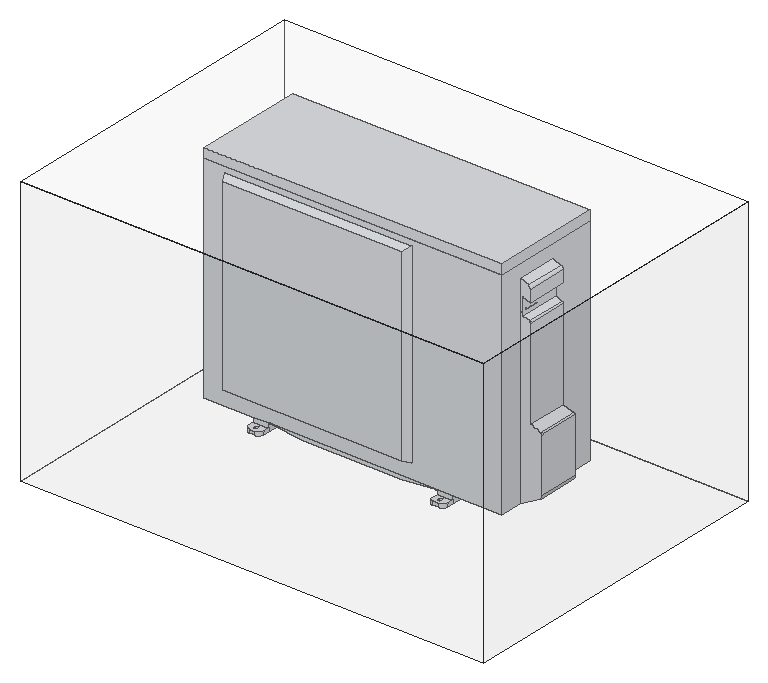
Revit family "puz-ermp40_63ska15_50hz", category 機械設備, Revit 2019 (continued)
Definition of nested family "PUZ-EZRMP-1"
  Lines and regions (mm)
    model lines, visible <- "タイプ1", detail levels fine
      curve 341: arc (-404.5, -100, 64) -> (-404.5, -98.536, 60.464) -> (-404.5, -95, 59) r 5
    model lines, visible <- "タイプ3", not visible
      curve 342: line (-404.5, -100, 907) -> (-404.5, -60, 907)
      curve 343: line (-404.5, -100, 1097) -> (-404.5, -100, 907)
      curve 344: line (-404.5, -60, 1097) -> (-404.5, -100, 1097)
      curve 345: line (-404.5, -60, 907) -> (-404.5, -60, 1097)
      curve 346: line (-404.5, 60, 907) -> (-404.5, 100, 907)
      curve 347: line (-404.5, 60, 1097) -> (-404.5, 60, 907)
      curve 348: line (-404.5, 100, 1097) -> (-404.5, 60, 1097)
      curve 349: line (-404.5, 100, 907) -> (-404.5, 100, 1097)
      curve 350: line (-404.5, -46.667, 907) -> (-404.5, -6.667, 907)
      curve 351: line (-404.5, -46.667, 1097) -> (-404.5, -46.667, 907)
      curve 352: line (-404.5, -6.667, 1097) -> (-404.5, -46.667, 1097)
      curve 353: line (-404.5, -6.667, 907) -> (-404.5, -6.667, 1097)
      curve 354: line (-404.5, 6.667, 907) -> (-404.5, 46.667, 907)
      curve 355: line (-404.5, 6.667, 1097) -> (-404.5, 6.667, 907)
      curve 356: line (-404.5, 46.667, 1097) -> (-404.5, 6.667, 1097)
      curve 357: line (-404.5, 46.667, 907) -> (-404.5, 46.667, 1097)
      curve 358: line (-404.5, -100, 1112) -> (-404.5, -60, 1112)
      curve 359: line (-404.5, -100, 1302) -> (-404.5, -100, 1112)
      curve 360: line (-404.5, -60, 1302) -> (-404.5, -100, 1302)
      curve 361: line (-404.5, -60, 1112) -> (-404.5, -60, 1302)
      curve 362: line (-404.5, 60, 1112) -> (-404.5, 100, 1112)
      curve 363: line (-404.5, 60, 1302) -> (-404.5, 60, 1112)
      curve 364: line (-404.5, 100, 1302) -> (-404.5, 60, 1302)
      curve 365: line (-404.5, 100, 1112) -> (-404.5, 100, 1302)
      curve 366: line (-404.5, -46.667, 1112) -> (-404.5, -6.667, 1112)
      curve 367: line (-404.5, -46.667, 1302) -> (-404.5, -46.667, 1112)
      curve 368: line (-404.5, -6.667, 1302) -> (-404.5, -46.667, 1302)
      curve 369: line (-404.5, -6.667, 1112) -> (-404.5, -6.667, 1302)
      curve 370: line (-404.5, 6.667, 1112) -> (-404.5, 46.667, 1112)
      curve 371: line (-404.5, 6.667, 1302) -> (-404.5, 6.667, 1112)
      curve 372: line (-404.5, 46.667, 1302) -> (-404.5, 6.667, 1302)
      curve 373: line (-404.5, 46.667, 1112) -> (-404.5, 46.667, 1302)
    model lines, visible <- "タイプ2", not visible
      curve 374: line (-600, -100, 33.5) -> (-600, -60, 33.5)
      curve 375: line (-600, -100, 73.5) -> (-600, -100, 33.5)
      curve 376: line (-600, -60, 73.5) -> (-600, -100, 73.5)
      curve 377: line (-600, -60, 33.5) -> (-600, -60, 73.5)
      curve 378: line (-600, 60, 33.5) -> (-600, 100, 33.5)
      curve 379: line (-600, 60, 73.5) -> (-600, 60, 33.5)
      curve 380: line (-600, 100, 73.5) -> (-600, 60, 73.5)
      curve 381: line (-600, 100, 33.5) -> (-600, 100, 73.5)
      curve 382: line (-509, -46.667, 33.5) -> (-509, -6.667, 33.5)
      curve 383: line (-509, -46.667, 73.5) -> (-509, -46.667, 33.5)
      curve 384: line (-509, -6.667, 73.5) -> (-509, -46.667, 73.5)
      curve 385: line (-509, -6.667, 33.5) -> (-509, -6.667, 73.5)
      curve 386: line (-509, 6.667, 33.5) -> (-509, 46.667, 33.5)
      curve 387: line (-509, 6.667, 73.5) -> (-509, 6.667, 33.5)
      curve 388: line (-509, 46.667, 73.5) -> (-509, 6.667, 73.5)
      curve 389: line (-509, 46.667, 33.5) -> (-509, 46.667, 73.5)
      curve 483: line (-404.5, -100, 33.5) -> (-404.5, -60, 33.5)
      curve 484: line (-404.5, -100, 73.5) -> (-404.5, -100, 33.5)
      curve 485: line (-404.5, -60, 73.5) -> (-404.5, -100, 73.5)
      curve 486: line (-404.5, -60, 33.5) -> (-404.5, -60, 73.5)
      curve 487: line (-404.5, 60, 33.5) -> (-404.5, 100, 33.5)
      curve 488: line (-404.5, 60, 73.5) -> (-404.5, 60, 33.5)
      curve 489: line (-404.5, 100, 73.5) -> (-404.5, 60, 73.5)
      curve 490: line (-404.5, 100, 33.5) -> (-404.5, 100, 73.5)
      curve 491: line (-404.5, -46.667, 33.5) -> (-404.5, -6.667, 33.5)
      curve 492: line (-404.5, -46.667, 73.5) -> (-404.5, -46.667, 33.5)
      curve 493: line (-404.5, -6.667, 73.5) -> (-404.5, -46.667, 73.5)
      curve 494: line (-404.5, -6.667, 33.5) -> (-404.5, -6.667, 73.5)
      curve 495: line (-404.5, 6.667, 33.5) -> (-404.5, 46.667, 33.5)
      curve 496: line (-404.5, 6.667, 73.5) -> (-404.5, 6.667, 33.5)
      curve 497: line (-404.5, 46.667, 73.5) -> (-404.5, 6.667, 73.5)
      curve 498: line (-404.5, 46.667, 33.5) -> (-404.5, 46.667, 73.5)
    model lines, not visible
      curve 390: line (-404.5, -100, 87) -> (-404.5, -60, 87)
      curve 391: line (-404.5, -100, 277) -> (-404.5, -100, 87)
      curve 392: line (-404.5, -60, 277) -> (-404.5, -100, 277)
      curve 393: line (-404.5, -60, 87) -> (-404.5, -60, 277)
      curve 394: line (-404.5, -100, 292) -> (-404.5, -60, 292)
      curve 395: line (-404.5, -100, 482) -> (-404.5, -100, 292)
      curve 396: line (-404.5, -60, 482) -> (-404.5, -100, 482)
      curve 397: line (-404.5, -60, 292) -> (-404.5, -60, 482)
      curve 398: line (-404.5, -100, 497) -> (-404.5, -60, 497)
      curve 399: line (-404.5, -100, 687) -> (-404.5, -100, 497)
      curve 400: line (-404.5, -60, 687) -> (-404.5, -100, 687)
      curve 401: line (-404.5, -60, 497) -> (-404.5, -60, 687)
      curve 402: line (-404.5, -100, 702) -> (-404.5, -60, 702)
      curve 403: line (-404.5, -100, 892) -> (-404.5, -100, 702)
      curve 404: line (-404.5, -60, 892) -> (-404.5, -100, 892)
      curve 405: line (-404.5, -60, 702) -> (-404.5, -60, 892)
      curve 406: line (-404.5, 60, 87) -> (-404.5, 100, 87)
      curve 407: line (-404.5, 60, 277) -> (-404.5, 60, 87)
      curve 408: line (-404.5, 100, 277) -> (-404.5, 60, 277)
      curve 409: line (-404.5, 100, 87) -> (-404.5, 100, 277)
      curve 410: line (-404.5, -46.667, 87) -> (-404.5, -6.667, 87)
      curve 411: line (-404.5, -46.667, 277) -> (-404.5, -46.667, 87)
      curve 412: line (-404.5, -6.667, 277) -> (-404.5, -46.667, 277)
      curve 413: line (-404.5, -6.667, 87) -> (-404.5, -6.667, 277)
      curve 414: line (-404.5, 6.667, 87) -> (-404.5, 46.667, 87)
      curve 415: line (-404.5, 6.667, 277) -> (-404.5, 6.667, 87)
      curve 416: line (-404.5, 46.667, 277) -> (-404.5, 6.667, 277)
      curve 417: line (-404.5, 46.667, 87) -> (-404.5, 46.667, 277)
      curve 418: line (-404.5, 60, 292) -> (-404.5, 100, 292)
      curve 419: line (-404.5, 60, 482) -> (-404.5, 60, 292)
      curve 420: line (-404.5, 100, 482) -> (-404.5, 60, 482)
      curve 421: line (-404.5, 100, 292) -> (-404.5, 100, 482)
      curve 422: line (-404.5, 60, 702) -> (-404.5, 100, 702)
      curve 423: line (-404.5, 60, 892) -> (-404.5, 60, 702)
      curve 424: line (-404.5, 100, 892) -> (-404.5, 60, 892)
      curve 425: line (-404.5, 100, 702) -> (-404.5, 100, 892)
      curve 426: line (-404.5, -46.667, 292) -> (-404.5, -6.667, 292)
      curve 427: line (-404.5, -46.667, 482) -> (-404.5, -46.667, 292)
      curve 428: line (-404.5, -6.667, 482) -> (-404.5, -46.667, 482)
      curve 429: line (-404.5, -6.667, 292) -> (-404.5, -6.667, 482)
      curve 430: line (-404.5, -46.667, 497) -> (-404.5, -6.667, 497)
      curve 431: line (-404.5, -46.667, 687) -> (-404.5, -46.667, 497)
      curve 432: line (-404.5, -6.667, 687) -> (-404.5, -46.667, 687)
      curve 433: line (-404.5, -6.667, 497) -> (-404.5, -6.667, 687)
      curve 434: line (-404.5, -46.667, 702) -> (-404.5, -6.667, 702)
      curve 435: line (-404.5, -46.667, 892) -> (-404.5, -46.667, 702)
      curve 436: line (-404.5, -6.667, 892) -> (-404.5, -46.667, 892)
      curve 437: line (-404.5, -6.667, 702) -> (-404.5, -6.667, 892)
      curve 438: line (-404.5, 6.667, 292) -> (-404.5, 46.667, 292)
      curve 439: line (-404.5, 6.667, 482) -> (-404.5, 6.667, 292)
      curve 440: line (-404.5, 46.667, 482) -> (-404.5, 6.667, 482)
      curve 441: line (-404.5, 46.667, 292) -> (-404.5, 46.667, 482)
      curve 442: line (-404.5, 6.667, 497) -> (-404.5, 46.667, 497)
      curve 443: line (-404.5, 6.667, 687) -> (-404.5, 6.667, 497)
      curve 444: line (-404.5, 46.667, 687) -> (-404.5, 6.667, 687)
      curve 445: line (-404.5, 46.667, 497) -> (-404.5, 46.667, 687)
      curve 446: line (-404.5, 6.667, 702) -> (-404.5, 46.667, 702)
      curve 447: line (-404.5, 6.667, 892) -> (-404.5, 6.667, 702)
      curve 448: line (-404.5, 46.667, 892) -> (-404.5, 6.667, 892)
      curve 449: line (-404.5, 46.667, 702) -> (-404.5, 46.667, 892)
      curve 450: line (-338.5, -173.2, 372.5) -> (149.5, -173.2, 372.5)
      curve 451: line (149.5, -173.2, 277.5) -> (-338.5, -173.2, 277.5)
      curve 452: line (-338.5, -173.2, 467.5) -> (149.5, -173.2, 467.5)
      curve 453: line (-338.5, -173.2, 562.5) -> (149.5, -173.2, 562.5)
      curve 454: line (149.5, -173.2, 182.5) -> (-338.5, -173.2, 182.5)
      curve 455: line (149.5, -173.2, 87.5) -> (-338.5, -173.2, 87.5)
      curve 456: line (-321.071, -173.2, 579) -> (-321.071, -173.2, 71)
      curve 457: line (132.071, -173.2, 71) -> (132.071, -173.2, 579)
      curve 458: line (-303.643, -173.2, 579) -> (-303.643, -173.2, 71)
      curve 459: line (-286.214, -173.2, 579) -> (-286.214, -173.2, 71)
      curve 460: line (-268.786, -173.2, 579) -> (-268.786, -173.2, 71)
      curve 461: line (-251.357, -173.2, 579) -> (-251.357, -173.2, 71)
      curve 462: line (-233.929, -173.2, 579) -> (-233.929, -173.2, 71)
      curve 463: line (-216.5, -173.2, 579) -> (-216.5, -173.2, 71)
      curve 464: line (-199.071, -173.2, 579) -> (-199.071, -173.2, 71)
      curve 465: line (-181.643, -173.2, 579) -> (-181.643, -173.2, 71)
      curve 466: line (-164.214, -173.2, 579) -> (-164.214, -173.2, 71)
      curve 467: line (-146.786, -173.2, 579) -> (-146.786, -173.2, 71)
      curve 468: line (-129.357, -173.2, 579) -> (-129.357, -173.2, 71)
      curve 469: line (-111.929, -173.2, 579) -> (-111.929, -173.2, 71)
      curve 470: line (-94.5, -173.2, 579) -> (-94.5, -173.2, 71)
      curve 471: line (-77.071, -173.2, 579) -> (-77.071, -173.2, 71)
      curve 472: line (-59.643, -173.2, 579) -> (-59.643, -173.2, 71)
      curve 473: line (-42.214, -173.2, 579) -> (-42.214, -173.2, 71)
      curve 474: line (-24.786, -173.2, 579) -> (-24.786, -173.2, 71)
      curve 475: line (-7.357, -173.2, 579) -> (-7.357, -173.2, 71)
      curve 476: line (10.071, -173.2, 579) -> (10.071, -173.2, 71)
      curve 477: line (27.5, -173.2, 579) -> (27.5, -173.2, 71)
      curve 478: line (44.929, -173.2, 579) -> (44.929, -173.2, 71)
      curve 479: line (62.357, -173.2, 579) -> (62.357, -173.2, 71)
      curve 480: line (79.786, -173.2, 579) -> (79.786, -173.2, 71)
      curve 481: line (97.214, -173.2, 579) -> (97.214, -173.2, 71)
      curve 482: line (114.643, -173.2, 579) -> (114.643, -173.2, 71)
    symbolic lines, visible <- "タイプ1"
      curve 499: line (-278.151, 150, 630) -> (-404.5, 150, 630)
      curve 500: line (-404.5, 150, 630) -> (-404.5, -5.599, 630)
      curve 501: line (-404.5, 40, 630) -> (-424.5, 30, 630)
      curve 502: line (-424.5, 30, 630) -> (-424.5, -30, 630)
      curve 503: line (-424.5, -30, 630) -> (-404.5, -40, 630)
      curve 504: line (-404.5, -5.599, 630) -> (-404.5, -150, 630)
      curve 505: line (-404.5, -150, 630) -> (-301.612, -150, 630)
      curve 506: arc (-272.806, -170, 630) -> (-268.124, -177.204, 630) -> (-260, -180, 630) r 13.2
      curve 507: line (-260, -180, 630) -> (-243.332, -180, 630)
      curve 508: arc (-243.332, -180, 630) -> (-235.208, -177.204, 630) -> (-230.526, -170, 630) r 13.2
      curve 509: line (-301.612, -150, 630) -> (280.999, -150, 630)
      curve 510: line (230, -150, 630) -> (230, -170, 630)
      curve 511: arc (230, -170, 630) -> (232.929, -177.071, 630) -> (240, -180, 630) r 10
      curve 512: line (240, -180, 630) -> (256.8, -180, 630)
      curve 513: arc (256.8, -180, 630) -> (266.134, -176.134, 630) -> (270, -166.8, 630) r 13.2
      curve 514: line (270, -166.8, 630) -> (270, -150, 630)
      curve 515: line (280.999, -150, 630) -> (404.5, -150, 630)
      curve 516: line (404.5, -150, 630) -> (404.5, -77.105, 630)
      curve 517: line (404.5, -90, 630) -> (466.5, -90, 630)
      curve 518: line (466.5, -90, 630) -> (466.5, 20, 630)
      curve 519: line (466.5, 20, 630) -> (404.5, 20, 630)
      curve 520: line (404.5, -77.105, 630) -> (404.5, 150, 630)
      curve 521: line (404.5, 150, 630) -> (308.975, 150, 630)
      curve 522: line (270, 150, 630) -> (270, 180, 630)
      curve 523: line (270, 180, 630) -> (230, 180, 630)
      curve 524: line (230, 180, 630) -> (230, 150, 630)
      curve 525: line (308.975, 150, 630) -> (-278.151, 150, 630)
      curve 526: line (-230, 150, 630) -> (-230, 180, 630)
      curve 527: line (-230, 180, 630) -> (-270, 180, 630)
      curve 528: line (-270, 180, 630) -> (-270, 150, 630)
      curve 529: line (-324.5, 100, 630) -> (324.5, 100, 630)
      curve 530: line (-324.5, 40, 630) -> (-324.5, 100, 630)
      curve 531: line (324.5, 40, 630) -> (-324.5, 40, 630)
      curve 532: line (324.5, 100, 630) -> (324.5, 40, 630)
      curve 533: line (324.5, 30, 630) -> (-324.5, 30, 630)
      curve 534: line (324.5, -30, 630) -> (324.5, 30, 630)
      curve 535: line (-324.5, -30, 630) -> (324.5, -30, 630)
      curve 536: line (-324.5, 30, 630) -> (-324.5, -30, 630)
      curve 537: line (-324.5, -40, 630) -> (324.5, -40, 630)
      curve 538: line (-324.5, -100, 630) -> (-324.5, -40, 630)
      curve 539: line (324.5, -100, 630) -> (-324.5, -100, 630)
      curve 540: line (324.5, -40, 630) -> (324.5, -100, 630)
      curve 541: line (339.5, 100, 630) -> (354.5, 100, 630)
      curve 542: line (339.5, -100, 630) -> (339.5, 100, 630)
      curve 543: line (354.5, -100, 630) -> (339.5, -100, 630)
      curve 544: line (354.5, 100, 630) -> (354.5, -100, 630)
      curve 545: line (-354.5, 100, 630) -> (-339.5, 100, 630)
      curve 546: line (-354.5, -100, 630) -> (-354.5, 100, 630)
      curve 547: line (-339.5, -100, 630) -> (-354.5, -100, 630)
      curve 548: line (-339.5, 100, 630) -> (-339.5, -100, 630)
      curve 549: line (-338.5, -170, 630) -> (149.5, -170, 630)
      curve 550: line (149.5, -170, 630) -> (159.5, -150, 630)
      curve 551: line (-348.5, -150, 630) -> (-338.5, -170, 630)
  Dimensions and locks
    equal spacing: plane 8, plane 1 "中心(正面/背面)", plane 7
    "奥行き": plane 8 to plane 7
    equal spacing: plane 5, plane 3 "中心(左/右)", plane 6
    "幅さ": plane 5 to plane 6
    "高さ": plane 4 to level
    locked: plane 6 to plane 9 at 62
    locked: plane 8 to plane 10 at 60
    locked: plane 8 to plane 11 at 170
    locked: plane 4 to plane 12 at 25
    locked: plane 13 to plane 5 at 20
    "吊りボルト-D": plane 17 to plane 16
    equal spacing: plane 17, plane 1 "中心(正面/背面)", plane 16
    equal spacing: plane 14, plane 3 "中心(左/右)", plane 15
    "吊りボルト-W": plane 14 to plane 15
    plane 21 to plane 14 to plane 20 = 20 mm locked, 20 mm locked
    plane 19 to plane 15 to plane 18 = 20 mm locked, 20 mm locked
    locked: plane 16 to plane 22 at 15
    locked: plane 23 to plane 17 at 15
    locked: plane 24 to level at 8.5
    locked: plane 25 to level at 20
    locked: plane 26 to plane 24 at 3
    locked: plane 4 to plane 29 at 5
    plane 7 to plane 1 "中心(正面/背面)" to plane 8 = 150 mm, 150 mm
    plane 31 to plane 1 "中心(正面/背面)" to plane 30 = 40 mm locked, 40 mm locked
    plane 33 to plane 1 "中心(正面/背面)" to plane 32 = 30 mm locked, 30 mm locked
    locked: plane 34 to plane 12 at 5
    locked: plane 35 to level at 55
    locked: plane 36 to level at 225
    equal spacing: plane 6, plane 39, plane 9
    locked: plane 6 to plane 38 at 10
    locked: plane 20 to plane 27 at 95
    locked: plane 28 to plane 19 at 95
    "換気-D": plane 40 to plane 8
    "換気-W": plane 41 to plane 5
    "換気-H1": plane 42 to level
    plane 43 to plane 41 to plane 44 = 254 mm locked, 254 mm locked
    plane 45 to plane 42 to plane 46 = 264 mm locked, 264 mm locked
    locked: plane 43 to plane 48 at 10
    locked: plane 47 to plane 44 at 10
    locked: plane 45 to plane 49 at 10
    locked: plane 50 to plane 46 at 10
    locked: curve 26 to plane 50 at 16.5
    locked: plane 49 to curve 24 at 16.5
    equal spacing: curve 24, curve 23, curve 21, curve 22, curve 25, curve 26
    equal spacing: plane 48, curve 28, curve 53, curve 52, curve 51, curve 50, curve 49, curve 48, curve 47, curve 46, curve 45, curve 44, curve 43, curve 42, curve 41, curve 40, curve 39, curve 38, curve 37, curve 36, curve 35, curve 34, curve 33, curve 32, curve 31, curve 30, curve 29, curve 27, plane 47
    locked: curve 4 to curve 6 at 10
    locked: curve 3 to curve 5 at 10
    locked: plane 51 to plane 7 at 50
    locked: plane 8 to plane 52 at 50
    equal spacing: group 1, group 2, group 3, group 4, group 5, group 6, group 7, group 8, group 9, group 10, group 11, group 12, group 13, group 14, group 15, group 16, group 17, group 18  (x2)
    equal spacing: group 18, group 17, group 16, group 15, group 14, group 13, group 12, group 11, group 10, group 9, group 8, group 7, group 6, group 5, group 4, group 3, group 2, group 1
    "ドレン管径-X": plane 5 to plane 53
    "ドレン管径-Y": plane 8 to plane 54
    "配線取出口-Y": plane 57 to plane 7
    "冷媒液管径-Y": plane 58 to plane 7
    "冷媒ガス管径-Y": plane 59 to plane 7
    "配線取出口-X": plane 3 "中心(左/右)" to plane 56
    "冷媒ガス管径-X": plane 3 "中心(左/右)" to plane 55
    "冷媒液管径-X": plane 3 "中心(左/右)" to plane 60
    "冷媒液管径-Z": plane 62 to level
    "冷媒ガス管径-Z": plane 61 to level
    "配線取出口-Z": plane 63 to level
    locked: plane 57 to plane 64 at 50
    locked: plane 65 to plane 61 at 37.8
    locked: plane 66 to plane 62 at 16.1
    equal spacing: plane 55, plane 67, plane 60
    equal spacing: plane 58, plane 68, plane 59
    "a": plane 69 "グループ" to plane 3 "中心(左/右)"
    plane 71 to level = 943 mm
    plane 70 to level = 1338 mm
    locked: plane 37 to level at 570
    curve 21 to plane 42 to curve 22 = 47.5 mm locked, 47.5 mm locked
    "換気-H2": plane 72 to plane 42
    plane 73 to plane 72 to plane 74 = 264 mm locked, 264 mm locked
    locked: plane 76 to plane 74 at 10
    locked: plane 73 to plane 75 at 10
    plane 48 to plane 47 = 488 mm
    plane 68 to plane 7 = 185.5 mm
    plane 61 to level = 99.5 mm
    plane 65 to plane 61 = 37.8 mm
    plane 62 to level = 164.5 mm
    plane 66 to plane 62 = 16.1 mm
    plane 68 to plane 77 to plane 78 = 23 mm locked, 17.5 mm locked
    plane 68 to plane 77 = 23 mm
    plane 77 to plane 78 = 17.5 mm
    equal spacing: plane 77, plane 79, plane 78
    "ドレン配管サイズ": diameter of Extrusion 3 sketch curve
    "配線取出口サイズ": diameter of Extrusion 9 sketch curve
    "吊りボルト-φ": diameter of Extrusion 10 sketch curve  (x4)
    "冷媒配管サイズ": diameter of Sweep 11 sketch curve
    "ガス配管サイズ": diameter of Sweep 12 sketch curve
    aligned and locked: level to plane 2
    aligned and locked: Extrusion 1 to level
    aligned and locked: plane 25 to Extrusion 1
    aligned and locked: Extrusion 2 sketch curve to plane 25
    aligned and locked: Extrusion 2 sketch curve to plane 26
    aligned and locked: Extrusion 2 to plane 7
    aligned and locked: plane 8 to Extrusion 2
    aligned and locked: Extrusion 3 to plane 26
    aligned and locked: Extrusion 3 to plane 24
    aligned and locked: Extrusion 4 sketch curve to plane 7
    aligned and locked: Extrusion 4 sketch curve to plane 8
    aligned and locked: Extrusion 4 sketch curve to plane 5
    aligned and locked: Extrusion 4 sketch curve to plane 6
    aligned and locked: Extrusion 4 to plane 25
    aligned and locked: plane 12 to Extrusion 4
    aligned and locked: Extrusion 5 sketch curve to Extrusion 4  (x4)
    aligned and locked: Extrusion 5 to plane 12
    aligned and locked: plane 4 to Extrusion 5
    aligned and locked: plane 29 to Blend 6 sketch curve
    aligned and locked: Blend 6 sketch curve to plane 31
    aligned and locked: Blend 6 sketch curve to plane 12  (x2)
    aligned and locked: plane 30 to Blend 6 sketch curve
    aligned and locked: plane 34 to Blend 6 sketch curve
    aligned and locked: Blend 6 sketch curve to plane 33
    aligned and locked: plane 32 to Blend 6 sketch curve
    aligned and locked: Blend 6 to plane 13
    aligned and locked: plane 5 to Blend 6
    aligned and locked: Extrusion 7 sketch curve to plane 6
    aligned and locked: Extrusion 7 sketch curve to plane 9
    aligned and locked: Extrusion 7 sketch curve to plane 39
    aligned and locked: Extrusion 7 sketch curve to Extrusion 7 sketch curve
    aligned and locked: Extrusion 7 sketch curve to plane 38
    aligned and locked: Extrusion 7 to plane 11
    aligned and locked: plane 10 to Extrusion 7
    aligned and locked: Blend 8 sketch curve to plane 45
    aligned and locked: Blend 8 sketch curve to plane 46
    aligned and locked: Blend 8 sketch curve to plane 44
    aligned and locked: Blend 8 sketch curve to plane 43
    aligned and locked: Blend 8 sketch curve to plane 49
    aligned and locked: Blend 8 sketch curve to plane 47
    aligned and locked: Blend 8 sketch curve to plane 48
    aligned and locked: Blend 8 sketch curve to plane 50
    aligned and locked: Blend 8 to plane 8
    aligned and locked: plane 40 to Blend 8
    aligned and locked: curve 17 to plane 51
    aligned and locked: curve 1 to plane 51
    aligned and locked: plane 51 to curve 19
    aligned and locked: curve 18 to plane 52
    aligned and locked: plane 52 to curve 2
    aligned and locked: plane 52 to curve 20
    aligned and locked: plane 53 to Extrusion 3 sketch curve
    aligned and locked: plane 54 to Extrusion 3 sketch curve
    aligned and locked: plane 63 to Extrusion 9 sketch curve
    aligned and locked: plane 56 to Extrusion 9 sketch curve
    aligned and locked: plane 57 to Extrusion 9
    aligned and locked: Extrusion 9 to plane 64
    aligned and locked: plane 22 to Extrusion 10 sketch curve  (x4)
    aligned and locked: plane 21 to Extrusion 10 sketch curve
    aligned and locked: Extrusion 2 to Extrusion 10 sketch curve  (x2)
    aligned and locked: Extrusion 10 sketch curve to Extrusion 1  (x6)
    aligned and locked: plane 19 to Extrusion 10 sketch curve
    aligned and locked: Extrusion 10 sketch curve to plane 23  (x2)
    aligned and locked: Extrusion 10 sketch curve to plane 18
    aligned and locked: Extrusion 10 sketch curve to plane 20
    aligned and locked: plane 16 to Extrusion 10 sketch curve  (x2)
    aligned and locked: plane 14 to Extrusion 10 sketch curve  (x2)
    aligned and locked: plane 17 to Extrusion 10 sketch curve  (x2)
    aligned and locked: plane 15 to Extrusion 10 sketch curve  (x2)
    aligned and locked: level to Extrusion 10
    aligned and locked: plane 24 to Extrusion 10
    aligned and locked: Masking region 1 sketch curve to Extrusion 5  (x4)
    aligned and locked: Masking region 1 sketch curve to Blend 6  (x3)
    aligned and locked: Masking region 1 sketch curve to Extrusion 7  (x2)
    aligned and locked: Masking region 1 sketch curve to plane 9
    aligned and locked: Masking region 1 sketch curve to Extrusion 10  (x8)
    aligned and locked: Masking region 1 to curve 499
    aligned and locked: curve 500 to Masking region 1
    aligned and locked: curve 501 to Masking region 1
    aligned and locked: curve 502 to Masking region 1
    aligned and locked: curve 503 to Masking region 1
    aligned and locked: curve 504 to Masking region 1
    aligned and locked: curve 505 to Masking region 1
    aligned and locked: curve 506 to Masking region 1
    aligned and locked: curve 508 to Masking region 1
    aligned and locked: curve 510 to Masking region 1
    aligned and locked: curve 511 to Masking region 1
    aligned and locked: curve 513 to Masking region 1
    aligned and locked: Masking region 1 to curve 515
    aligned and locked: curve 516 to Masking region 1
    aligned and locked: curve 517 to Masking region 1
    aligned and locked: curve 518 to Masking region 1
    aligned and locked: curve 519 to Masking region 1
    aligned and locked: curve 520 to Masking region 1
    aligned and locked: curve 521 to Masking region 1
    aligned and locked: curve 522 to Masking region 1
    aligned and locked: curve 523 to Masking region 1
    aligned and locked: curve 524 to Masking region 1
    aligned and locked: curve 525 to Masking region 1
    aligned and locked: curve 526 to Masking region 1
    aligned and locked: curve 527 to Masking region 1
    aligned and locked: curve 528 to Masking region 1
    aligned and locked: curve 532 to curve 12
    aligned and locked: Masking region 1 sketch curve to curve 21
    aligned and locked: Masking region 1 sketch curve to Blend 8  (x2)
    aligned and locked: curve 549 to Blend 8
    aligned and locked: curve 550 to Blend 8
    aligned and locked: curve 551 to Blend 8
    aligned and locked: plane 78 to Sweep 12 sketch curve
    aligned and locked: plane 58 to Sweep 12 sketch curve
    aligned and locked: plane 77 to Sweep 11 sketch curve
    aligned and locked: plane 58 to Sweep 11 sketch curve
    aligned and locked: plane 61 to Sweep 12 sketch curve
  Automatic sketch dimensions
    Extrusion 2 sketch curve to plane 20 = 0 mm
    Extrusion 2 sketch curve to plane 27 = 0 mm
    Extrusion 2 sketch curve to plane 28 = 0 mm
    Extrusion 2 sketch curve to plane 19 = 0 mm
    Extrusion 7 sketch curve to plane 39 = 0 mm
    Extrusion 7 sketch curve to plane 25 = 0 mm
    Extrusion 7 sketch curve to plane 36 = 0 mm
    Extrusion 7 sketch curve to plane 37 = 0 mm
    Extrusion 7 sketch curve to Extrusion 7 sketch curve = 10 mm
    Extrusion 7 sketch curve to plane 39 = 6.58 mm
    Extrusion 7 sketch curve to Extrusion 7 sketch curve = 5 mm  (x2)
    plane 39 to Extrusion 7 sketch curve = 21 mm
    Extrusion 7 sketch curve to plane 39 = 3.29 mm
    Extrusion 7 sketch curve to plane 9 = 3.29 mm
    Extrusion 7 sketch curve to plane 35 = 2.87 mm
    Extrusion 7 sketch curve to Extrusion 7 sketch curve = 81.633 mm
    Extrusion 7 sketch curve to Extrusion 7 sketch curve = 30.244 mm
    Extrusion 7 sketch curve to Extrusion 7 sketch curve = 7.643 mm
    plane 7 to Extrusion 1 sketch curve = 0 mm  (x2)
    Extrusion 1 sketch curve to plane 18 = 0 mm
    plane 8 to Extrusion 1 sketch curve = 0 mm  (x2)
    Extrusion 1 sketch curve to plane 19 = 0 mm
    Extrusion 1 sketch curve to plane 20 = 0 mm
    Extrusion 1 sketch curve to plane 21 = 0 mm
    curve 383 to curve 384 = 40 mm
    curve 382 to curve 386 = 13.333 mm
    curve 386 to curve 386 = 40 mm
    curve 382 to curve 389 = 0 mm
    curve 382 to curve 384 = 40 mm
    curve 384 to curve 387 = 0 mm
    curve 375 to curve 376 = 40 mm
    curve 374 to curve 378 = 120 mm
    curve 378 to curve 378 = 40 mm
    curve 374 to curve 381 = 0 mm
    curve 374 to curve 376 = 40 mm
    curve 378 to curve 379 = 40 mm
    curve 25 to plane 47 = 0 mm
    curve 24 to plane 47 = 0 mm
    curve 22 to plane 47 = 0 mm
    curve 23 to plane 47 = 0 mm
    curve 26 to plane 47 = 0 mm
    curve 21 to plane 47 = 0 mm
    curve 24 to plane 48 = 0 mm
    curve 25 to plane 48 = 0 mm
    curve 26 to plane 48 = 0 mm
    curve 23 to plane 48 = 0 mm
    curve 22 to plane 48 = 0 mm
    curve 21 to plane 48 = 0 mm
    curve 37 to plane 50 = 0 mm
    curve 52 to plane 50 = 0 mm
    curve 51 to plane 50 = 0 mm
    curve 50 to plane 50 = 0 mm
    curve 49 to plane 50 = 0 mm
    curve 48 to plane 50 = 0 mm
    curve 47 to plane 50 = 0 mm
    curve 46 to plane 50 = 0 mm
    curve 45 to plane 50 = 0 mm
    curve 44 to plane 50 = 0 mm
    curve 43 to plane 50 = 0 mm
    curve 42 to plane 50 = 0 mm
    curve 41 to plane 50 = 0 mm
    curve 27 to plane 50 = 0 mm
    curve 28 to plane 50 = 0 mm
    curve 40 to plane 50 = 0 mm
    curve 39 to plane 50 = 0 mm
    curve 29 to plane 50 = 0 mm
    curve 38 to plane 50 = 0 mm
    curve 30 to plane 50 = 0 mm
    curve 53 to plane 50 = 0 mm
    curve 31 to plane 50 = 0 mm
    curve 36 to plane 50 = 0 mm
    curve 32 to plane 50 = 0 mm
    curve 35 to plane 50 = 0 mm
    curve 33 to plane 50 = 0 mm
    curve 34 to plane 50 = 0 mm
    curve 28 to plane 49 = 0 mm
    curve 41 to plane 49 = 0 mm
    curve 27 to plane 49 = 0 mm
    curve 42 to plane 49 = 0 mm
    curve 31 to plane 49 = 0 mm
    curve 40 to plane 49 = 0 mm
    curve 37 to plane 49 = 0 mm
    curve 39 to plane 49 = 0 mm
    curve 32 to plane 49 = 0 mm
    curve 45 to plane 49 = 0 mm
    curve 36 to plane 49 = 0 mm
    curve 46 to plane 49 = 0 mm
    curve 43 to plane 49 = 0 mm
    curve 47 to plane 49 = 0 mm
    curve 29 to plane 49 = 0 mm
    curve 48 to plane 49 = 0 mm
    curve 30 to plane 49 = 0 mm
    curve 49 to plane 49 = 0 mm
    curve 44 to plane 49 = 0 mm
    curve 50 to plane 49 = 0 mm
    curve 33 to plane 49 = 0 mm
    curve 51 to plane 49 = 0 mm
    curve 35 to plane 49 = 0 mm
    curve 52 to plane 49 = 0 mm
    curve 38 to plane 49 = 0 mm
    curve 53 to plane 49 = 0 mm
    curve 34 to plane 49 = 0 mm
    Masking region 1 sketch curve to plane 5 = 0 mm
    Masking region 1 sketch curve to plane 6 = 0 mm
    plane 7 to Masking region 1 sketch curve = 0 mm  (x2)
    Masking region 1 sketch curve to plane 15 = 10 mm
    Masking region 1 sketch curve to plane 19 = 0 mm
    plane 8 to Masking region 1 sketch curve = 0 mm  (x2)
    plane 32 to curve 535 = 0 mm
    plane 33 to curve 534 = 0 mm
    curve 541 to plane 56 = 45.5 mm
    curve 13 to curve 20 = 15 mm
    plane 18 to curve 535 = 54.5 mm
    curve 532 to curve 6 = 0 mm
    curve 537 to curve 5 = 0 mm
    plane 47 to curve 536 = 14 mm
    plane 47 to curve 538 = 14 mm
    plane 47 to curve 1 = 14 mm
    curve 16 to plane 47 = 1 mm
    curve 15 to plane 44 = 6 mm
    plane 1 "中心(正面/背面)" to curve 504 = 5.599 mm
    curve 528 to curve 499 = 8.151 mm
    curve 521 to curve 522 = 38.975 mm
    curve 516 to plane 10 = 12.895 mm
    curve 515 to curve 514 = 10.999 mm
    plane 40 to Masking region 1 sketch curve = 0 mm
    Masking region 1 sketch curve to plane 40 = 3.2 mm  (x2)
    Masking region 1 sketch curve to plane 14 = 10 mm
    Masking region 1 sketch curve to plane 20 = 0.526 mm
    curve 509 to plane 21 = 31.612 mm
    Sweep 12 sketch curve to plane 65 = 0 mm
    Sweep 11 sketch curve to plane 62 = 0 mm
    Sweep 11 sketch curve to plane 66 = 0 mm
    plane 40 to Extrusion 10 sketch curve = 0 mm
    plane 17 to Extrusion 10 sketch curve = 0 mm  (x2)
    Extrusion 10 sketch curve to Extrusion 10 sketch curve = 1.8 mm  (x3)
    plane 17 to Extrusion 10 sketch curve = 1.8 mm  (x2)
    Extrusion 10 sketch curve to Extrusion 10 sketch curve = 0 mm
    Sweep 11 sketch curve to plane 67 = 0 mm
    Sweep 11 sketch curve to profile plane = 0 mm
    Sweep 12 sketch curve to plane 67 = 0 mm
    Sweep 12 sketch curve to profile plane = 0 mm
Definition of nested family "固定点"
  Parameters (values of type "固定点")
    中心円 = if(W > 599 mm, 12 mm, 10 mm)  # 12 mm
    W = 1000 mm
    D = 1000 mm
  Reference planes
    plane 1 "中心(正面/背面)": y = 0
    plane 2: z = 0
    plane 3 "中心(左/右)": x = 0
    plane 4: x = 1000
    plane 5: y = 1000
  Lines and regions (mm)
    symbolic lines, detail levels fine
      curve 1: circle (0, 1000, 0) r 6 normal (0, 0, 1)
      curve 2: circle (0, 0, 0) r 6 normal (0, 0, 1)
      curve 3: circle (1000, 1000, 0) r 6 normal (0, 0, 1)
      curve 4: circle (1000, 0, 0) r 6 normal (0, 0, 1)
      curve 5: line (-200, 1000, 0) -> (1200, 1000, 0)
      curve 6: line (-200, 0, 0) -> (1200, 0, 0)
      curve 7: line (0, 1200, 0) -> (0, -200, 0)
      curve 8: line (1000, 1200, 0) -> (1000, -200, 0)
  Dimensions and locks
    "W": plane 3 "中心(左/右)" to plane 4
    "D": plane 1 "中心(正面/背面)" to plane 5
    "中心円": diameter of curve 1
    "中心円": diameter of curve 2
    "中心円": diameter of curve 3
    "中心円": diameter of curve 4
    aligned and locked: level to plane 2
    aligned and locked: plane 5 to curve 1
    aligned and locked: plane 3 "中心(左/右)" to curve 1
    aligned and locked: plane 3 "中心(左/右)" to curve 2
    aligned and locked: plane 1 "中心(正面/背面)" to curve 2
    aligned and locked: plane 4 to curve 3
    aligned and locked: plane 5 to curve 3
    aligned and locked: plane 1 "中心(正面/背面)" to curve 4
    aligned and locked: plane 4 to curve 4
    aligned and locked: plane 1 "中心(正面/背面)" to curve 6
    aligned and locked: curve 7 to plane 3 "中心(左/右)"
    aligned and locked: curve 8 to plane 4
  Automatic sketch dimensions
    curve 5 to plane 5 = 0 mm
    curve 6 to plane 3 "中心(左/右)" = 200 mm
    curve 5 to plane 3 "中心(左/右)" = 200 mm
    curve 4 to curve 6 = 200 mm
    curve 3 to curve 5 = 200 mm
    plane 1 "中心(正面/背面)" to curve 8 = 200 mm
    plane 1 "中心(正面/背面)" to curve 7 = 200 mm
    curve 3 to curve 8 = 200 mm
    curve 1 to curve 7 = 200 mm
Types (30, lengths in mm): name | 音響パワーレベル_暖房 (dB) | 音響パワーレベル_冷房 (dB) | 音響パワーレベル(dB) | 電動機出力_圧縮機 | 質量 | 製品質量 | 相 | 構成品番 | 極数 | 最小電線太さ_mm2 | 暖房能力 | 推奨ブレーカー容量 | 冷房能力
  室外機_PUZ-ERMP40SKA15 | 66 | 64 | 66 | 0.7 kW | 48.00 kg | 40.00 kg | 1 | "PUZ-ERMP40SKA15" | 1 | 3.5 | 4 kW | 20 A | 3.6 kW
  室外機_PUZ-ERMP40KA15 | 66 | 64 | 66 | 0.7 kW | 45.60 kg | 38.00 kg | 3 | "PUZ-ERMP40KA15" | 3 | 2 | 4 kW | 15 A | 3.6 kW
  室外機_PUZ-ERMP45SKA15 | 66 | 64 | 66 | 0.9 kW | 48.00 kg | 40.00 kg | 1 | "PUZ-ERMP45SKA15" | 1 | 3.5 | 4.5 kW | 20 A | 4 kW
  室外機_PUZ-ERMP45KA15 | 66 | 64 | 66 | 0.9 kW | 45.60 kg | 38.00 kg | 3 | "PUZ-ERMP45KA15" | 3 | 2 | 4.5 kW | 15 A | 4 kW
  室外機_PUZ-ERMP50SKA15 | 67 | 65 | 67 | 1 kW | 48.00 kg | 40.00 kg | 1 | "PUZ-ERMP50SKA15" | 1 | 3.5 | 5 kW | 20 A | 4.5 kW
  室外機_PUZ-ERMP50KA15 | 67 | 65 | 67 | 1 kW | 45.60 kg | 38.00 kg | 3 | "PUZ-ERMP50KA15" | 3 | 2 | 5 kW | 15 A | 4.5 kW
  室外機_PUZ-ERMP56SKA15 | 67 | 65 | 67 | 1.2 kW | 48.00 kg | 40.00 kg | 1 | "PUZ-ERMP56SKA15" | 1 | 3.5 | 5.6 kW | 20 A | 5 kW
  室外機_PUZ-ERMP56KA15 | 67 | 65 | 67 | 1.2 kW | 45.60 kg | 38.00 kg | 3 | "PUZ-ERMP56KA15" | 3 | 2 | 5.6 kW | 15 A | 5 kW
  室外機_PUZ-ERMP63SKA15 | 67 | 65 | 67 | 1.3 kW | 48.00 kg | 40.00 kg | 1 | "PUZ-ERMP63SKA15" | 1 | 3.5 | 6.3 kW | 30 A | 5.6 kW
  室外機_PUZ-ERMP63KA15 | 67 | 65 | 67 | 1.3 kW | 46.80 kg | 39.00 kg | 3 | "PUZ-ERMP63KA15" | 3 | 2 | 6.3 kW | 15 A | 5.6 kW
  室外機_PUZ-ERMP63SKA15-BS | 67 | 65 | 67 | 1.3 kW | 48.00 kg | 40.00 kg | 1 | "PUZ-ERMP63SKA15-BS" | 1 | 3.5 | 6.3 kW | 30 A | 5.6 kW
  室外機_PUZ-ERMP63SKA15-BSG | 67 | 65 | 67 | 1.3 kW | 48.00 kg | 40.00 kg | 1 | "PUZ-ERMP63SKA15-BSG" | 1 | 3.5 | 6.3 kW | 30 A | 5.6 kW
  室外機_PUZ-ERMP63KA15-BS | 67 | 65 | 67 | 1.3 kW | 46.80 kg | 39.00 kg | 3 | "PUZ-ERMP63KA15-BS" | 3 | 2 | 6.3 kW | 15 A | 5.6 kW
  室外機_PUZ-ERMP63KA15-BSG | 67 | 65 | 67 | 1.3 kW | 46.80 kg | 39.00 kg | 3 | "PUZ-ERMP63KA15-BSG" | 3 | 2 | 6.3 kW | 15 A | 5.6 kW
  室外機_PUZ-ERMP56SKA15-BS | 67 | 65 | 67 | 1.2 kW | 48.00 kg | 40.00 kg | 1 | "PUZ-ERMP56SKA15-BS" | 1 | 3.5 | 5.6 kW | 20 A | 5 kW
  室外機_PUZ-ERMP56SKA15-BSG | 67 | 65 | 67 | 1.2 kW | 48.00 kg | 40.00 kg | 1 | "PUZ-ERMP56SKA15-BSG" | 1 | 3.5 | 5.6 kW | 20 A | 5 kW
  室外機_PUZ-ERMP56KA15-BS | 67 | 65 | 67 | 1.2 kW | 45.60 kg | 38.00 kg | 3 | "PUZ-ERMP56KA15-BS" | 3 | 2 | 5.6 kW | 15 A | 5 kW
  室外機_PUZ-ERMP56KA15-BSG | 67 | 65 | 67 | 1.2 kW | 45.60 kg | 38.00 kg | 3 | "PUZ-ERMP56KA15-BSG" | 3 | 2 | 5.6 kW | 15 A | 5 kW
  室外機_PUZ-ERMP50SKA15-BS | 67 | 65 | 67 | 1 kW | 48.00 kg | 40.00 kg | 1 | "PUZ-ERMP50SKA15-BS" | 1 | 3.5 | 5 kW | 20 A | 4.5 kW
  室外機_PUZ-ERMP50SKA15-BSG | 67 | 65 | 67 | 1 kW | 48.00 kg | 40.00 kg | 1 | "PUZ-ERMP50SKA15-BSG" | 1 | 3.5 | 5 kW | 20 A | 4.5 kW
  室外機_PUZ-ERMP50KA15-BS | 67 | 65 | 67 | 1 kW | 45.60 kg | 38.00 kg | 3 | "PUZ-ERMP50KA15-BS" | 3 | 2 | 5 kW | 15 A | 4.5 kW
  室外機_PUZ-ERMP50KA15-BSG | 67 | 65 | 67 | 1 kW | 45.60 kg | 38.00 kg | 3 | "PUZ-ERMP50KA15-BSG" | 3 | 2 | 5 kW | 15 A | 4.5 kW
  室外機_PUZ-ERMP45SKA15-BS | 66 | 64 | 66 | 0.9 kW | 48.00 kg | 40.00 kg | 1 | "PUZ-ERMP45SKA15-BS" | 1 | 3.5 | 4.5 kW | 20 A | 4 kW
  室外機_PUZ-ERMP45SKA15-BSG | 66 | 64 | 66 | 0.9 kW | 48.00 kg | 40.00 kg | 1 | "PUZ-ERMP45SKA15-BSG" | 1 | 3.5 | 4.5 kW | 20 A | 4 kW
  室外機_PUZ-ERMP45KA15-BS | 66 | 64 | 66 | 0.9 kW | 45.60 kg | 38.00 kg | 3 | "PUZ-ERMP45KA15-BS" | 3 | 2 | 4.5 kW | 15 A | 4 kW
  室外機_PUZ-ERMP45KA15-BSG | 66 | 64 | 66 | 0.9 kW | 45.60 kg | 38.00 kg | 3 | "PUZ-ERMP45KA15-BSG" | 3 | 2 | 4.5 kW | 15 A | 4 kW
  室外機_PUZ-ERMP40SKA15-BS | 66 | 64 | 66 | 0.7 kW | 48.00 kg | 40.00 kg | 1 | "PUZ-ERMP40SKA14-BS" | 1 | 3.5 | 4 kW | 20 A | 3.6 kW
  室外機_PUZ-ERMP40SKA15-BSG | 66 | 64 | 66 | 0.7 kW | 48.00 kg | 40.00 kg | 1 | "PUZ-ERMP40SKA15-BSG" | 1 | 3.5 | 4 kW | 20 A | 3.6 kW
  室外機_PUZ-ERMP40KA15-BS | 66 | 64 | 66 | 0.7 kW | 45.60 kg | 38.00 kg | 3 | "PUZ-ERMP40KA15-BS" | 3 | 2 | 4 kW | 15 A | 3.6 kW
  室外機_PUZ-ERMP40KA15-BSG | 66 | 64 | 66 | 0.7 kW | 45.60 kg | 38.00 kg | 3 | "PUZ-ERMP40KA15-BSG" | 3 | 2 | 4 kW | 15 A | 3.6 kW
